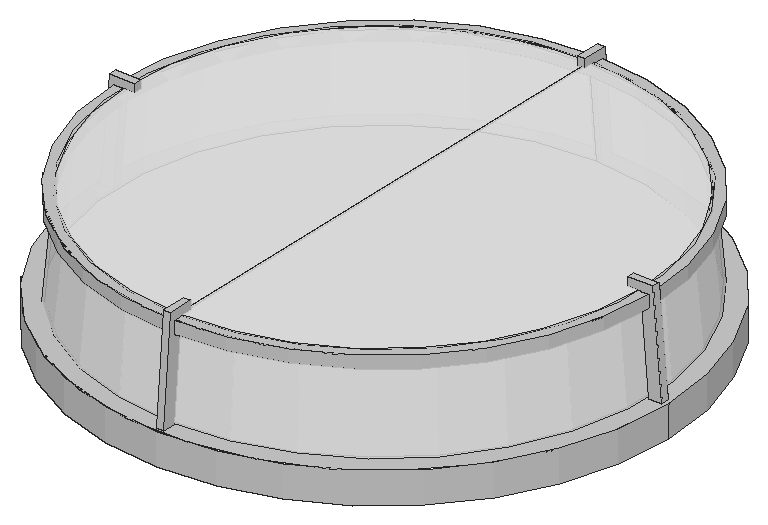
Revit family "2-699-24 IO", category Lighting Fixtures, Revit 2014
Parameters
  Wattage = 12.0505 W
  built-in parameter 1150110 = 1 (stored number, unit not read)
  URL = "www.oxygenlighting.com"
  Type Comments = "Lighitng- Fluoreescent"
  built-in parameter 1114217 = 1 (stored number, unit not read)
  Tilt Angle = -90.00°
  built-in parameter 1150109 = 1 (stored number, unit not read)
  built-in parameter 1150134 = 3
  built-in parameter 1150113 = 1 (stored number, unit not read)
  Product Documentation Link = ""
  Photometric Web File = "2-699-24.IES"
  Model = "2-699-24"
  Metal Finish = Sating Nickel
  Manufacturer = "Oxygen Lighting"
  built-in parameter 1150105 = 134.97 (stored number, unit not read)
  Lumens = 1790 lm
  built-in parameter 1150115 = 1 (stored number, unit not read)
  built-in parameter 1150137 = (empty or 0)
  built-in parameter 1150139 = (empty or 0)
  built-in parameter 1150112 = 1 (stored number, unit not read)
  Lamp Manufacturer = "Sylvania"
  built-in parameter 1150114 = 1 (stored number, unit not read)
  Lamp = "1x22W, 1x40W T5 circline fluorescent"
  Junction Box = "4\" Octagonal"
  Input Voltage = "120"
  Input Power Factor = "0.99"
  Input Power = "52.5"
  Input Current = ""
  built-in parameter 1150132 = 2
  built-in parameter 1150102 = (empty or 0)
  built-in parameter 1150107 = 3200 (stored number, unit not read)
  built-in parameter 1150138 = (empty or 0)
  built-in parameter 1150106 = 1.3497 (stored number, unit not read)
  Emit from Circle Diameter = 2' - 0"
  Emit Shape Visible in Rendering = no
  built-in parameter 1150104 = 13.8 (stored number, unit not read)
  Ballast Manufacturer = "Fulham RHA-UNV-242-C"
  Dimming Lamp Color Temperature Shift = <None>
  Diffuser dia. = 1' - 3.13582"
  Diffuser = Matte White Acrylic
  Description = "17\"dia. ceiling mount"
  Default Elevation = 4' - 0"
  Color Filter = 16777215
  built-in parameter 1114218 = 1 (stored number, unit not read)
  built-in parameter 1150133 = 10 (stored number, unit not read)
  Apparent Load = 52.5 VA
Reference planes (in)
  plane 1 "Light Source Axis (F/B)": y = 0
  plane 2: z = 0
  plane 3 "Light Source Axis (L/R)": x = 0
  plane 4 "Light Source Elevation": z = 2
  plane 5: y = 7.56791
  plane 6: y = -7.56791
Forms (in)
  Revolve 1, solid, material "Sating Nickel" <- "Metal Finish", not visible
    sketch origin (0, 0, 0) x (0, 1, 0) y (0, 0, 1)
      loop
        line (8.375, 0) -> (8.375, 0.97125) -> (7.935, 0.97125) -> (7.65625, 3.07125) -> (7.40625, 3.07125) -> (7.34, 3.07125) -> (7.34, 3.00875) -> (7.6015, 3.00875) -> (7.88025, 0.90875) -> (8.3125, 0.90875) -> (8.3125, 0.0625) -> (0, 0.0625) -> (0, 0) -> (8.375, 0)
      axis (0, 3.07125) -> (0, 0)
    angle from 0 to 360
  Revolve 2, solid, material "Matte White Acrylic" <- "Diffuser", not visible
    sketch origin (0, 0, 0) x (0, 1, 0) y (0, 0, 1)
      loop
        line (0, 4.64125) -> (0, 4.57875)
        arc (0, 4.57875) -> (3.71106, 4.21066) -> (7.2775, 3.12075) r 18.89153
        line (7.2775, 3.12075) -> (7.2775, 2.85644) -> (7.34, 2.85644) -> (7.34, 3.07125) -> (7.39, 3.07125) -> (7.39, 3.14125)
        arc (7.39, 3.14125) -> (3.77035, 4.26247) -> (0, 4.64125) r 18.95403
      axis (0, 4.64125) -> (0, 2.85644)
    angle from 0 to 360
  Extrusion 3, solid, material "Sating Nickel" <- "Metal Finish", not visible
    sketch origin (0, 0, 0) x (1, 0, 0) y (0, 1, 0)
      loop
        circle (0, 0) r 8.3125
    from 0 to 0.09586
  Extrusion 4, solid, material "Sating Nickel" <- "Metal Finish"
    sketch origin (0, 0, 0) x (0, 1, 0) y (0, 0, 1)
      loop
        line (7.25, 3.9375) -> (7.25, 3.6875) -> (7.625, 3.6875) -> (7.87424, 0.9375) -> (8.25078, 0.9375) -> (7.97888, 3.9375) -> (7.25, 3.9375)
    from -0.10937 to 0.10938
  Extrusion 5, solid, material "Sating Nickel" <- "Metal Finish"
    sketch origin (0, 0, 0) x (0, -1, 0) y (0, 0, -1)
      loop
        line (7.25, -3.9375) -> (7.97888, -3.9375) -> (8.25078, -0.9375) -> (7.87424, -0.9375) -> (7.625, -3.6875) -> (7.25, -3.6875) -> (7.25, -3.9375)
    from -0.10937 to 0.10938
  Extrusion 6, solid, material "Sating Nickel" <- "Metal Finish"
    sketch origin (0, 0, 0) x (-1, 0, 0) y (0, 0, 1)
      loop
        line (7.25, 3.9375) -> (7.25, 3.6875) -> (7.625, 3.6875) -> (7.87424, 0.9375) -> (8.25078, 0.9375) -> (7.97888, 3.9375) -> (7.25, 3.9375)
    from -0.10937 to 0.10938
  Extrusion 7, solid, material "Sating Nickel" <- "Metal Finish"
    sketch origin (0, 0, 0) x (1, 0, 0) y (0, 0, -1)
      loop
        line (7.25, -3.9375) -> (7.97888, -3.9375) -> (8.25078, -0.9375) -> (7.87424, -0.9375) -> (7.625, -3.6875) -> (7.25, -3.6875) -> (7.25, -3.9375)
    from -0.10937 to 0.10938
  Extrusion 8, solid, material "Sating Nickel" <- "Metal Finish"
    sketch origin (0, 0, 0) x (1, 0, 0) y (0, 1, 0)
      loop
        circle (0, 0) r 8.375
    from 0 to 0.9375
  Revolve 9, solid, material "Matte White Acrylic" <- "Diffuser"
    sketch origin (0, 0, 0) x (0, 1, 0) y (0, 0, 1)
      loop
        line (7.625, 3.6875) -> (0, 3.6875) -> (0, 3.625) -> (7.56791, 3.625) -> (7.81148, 0.9375) -> (7.87424, 0.9375) -> (7.625, 3.6875)
      axis (0, 3.6875) -> (0, 0.9375)
    angle from 0 to 360
  Extrusion 10, solid, material "Sating Nickel" <- "Metal Finish"
    sketch origin (0, 0, 0) x (1, 0, 0) y (0, 1, 0)
      loop
        circle (0, 0) r 7.87424
      loop
        circle (0, 0) r 7.56791
    from 3.3125 to 3.6875
  Extrusion 11, solid, material "Sating Nickel" <- "Metal Finish", not visible
    sketch origin (0, 0, 0) x (0, 1, 0) y (0, 0, 1)
      loop
        line (7.25, 3.9375) -> (7.25, 3.6875) -> (7.625, 3.6875) -> (7.87424, 0.9375) -> (8.25078, 0.9375) -> (7.97888, 3.9375) -> (7.25, 3.9375)
    from -0.10937 to 0.10938
  Extrusion 12, solid, material "Sating Nickel" <- "Metal Finish", not visible
    sketch origin (0, 0, 0) x (0, -1, 0) y (0, 0, -1)
      loop
        line (7.25, -3.9375) -> (7.97888, -3.9375) -> (8.25078, -0.9375) -> (7.87424, -0.9375) -> (7.625, -3.6875) -> (7.25, -3.6875) -> (7.25, -3.9375)
    from -0.10937 to 0.10938
  Extrusion 13, solid, material "Sating Nickel" <- "Metal Finish", not visible
    sketch origin (0, 0, 0) x (-1, 0, 0) y (0, 0, 1)
      loop
        line (7.25, 3.9375) -> (7.25, 3.6875) -> (7.625, 3.6875) -> (7.87424, 0.9375) -> (8.25078, 0.9375) -> (7.97888, 3.9375) -> (7.25, 3.9375)
    from -0.10937 to 0.10938
  Extrusion 14, solid, material "Sating Nickel" <- "Metal Finish", not visible
    sketch origin (0, 0, 0) x (1, 0, 0) y (0, 0, -1)
      loop
        line (7.25, -3.9375) -> (7.97888, -3.9375) -> (8.25078, -0.9375) -> (7.87424, -0.9375) -> (7.625, -3.6875) -> (7.25, -3.6875) -> (7.25, -3.9375)
    from -0.10937 to 0.10938
  Extrusion 15, solid, material "Sating Nickel" <- "Metal Finish", not visible
    sketch origin (0, 0, 0) x (1, 0, 0) y (0, 1, 0)
      loop
        circle (0, 0) r 8.375
    from 0 to 0.9375
  Revolve 16, solid, material "Matte White Acrylic" <- "Diffuser", not visible
    sketch origin (0, 0, 0) x (0, 1, 0) y (0, 0, 1)
      loop
        line (7.625, 3.6875) -> (0, 3.6875) -> (0, 3.625) -> (7.56791, 3.625) -> (7.81148, 0.9375) -> (7.87424, 0.9375) -> (7.625, 3.6875)
      axis (0, 3.6875) -> (0, 0.9375)
    angle from 0 to 360
  Extrusion 17, solid, material "Sating Nickel" <- "Metal Finish", not visible
    sketch origin (0, 0, 0) x (1, 0, 0) y (0, 1, 0)
      loop
        circle (0, 0) r 7.87424
      loop
        circle (0, 0) r 7.56791
    from 3.3125 to 3.6875
Dimensions and locks (in)
  "Diffuser dia.": plane 5 to plane 6
  aligned and locked: level to plane 2
Automatic sketch dimensions
  Extrusion 4 sketch curve to Extrusion 4 sketch curve = 0' - 0.37654"
  Extrusion 4 sketch curve to Extrusion 4 sketch curve = 0' - 0 1/4"
  Extrusion 5 sketch curve to Extrusion 5 sketch curve = 0' - 0.37654"
  Extrusion 5 sketch curve to Extrusion 5 sketch curve = 0' - 0 1/4"
  Extrusion 6 sketch curve to Extrusion 6 sketch curve = 0' - 0 3/8"
  Extrusion 6 sketch curve to Extrusion 6 sketch curve = 0' - 0.24924"
  Extrusion 6 sketch curve to Extrusion 6 sketch curve = 0' - 0.35388"
  Extrusion 6 sketch curve to Extrusion 6 sketch curve = 0' - 0.37654"
  Extrusion 7 sketch curve to Extrusion 7 sketch curve = 0' - 0 3/8"
  Extrusion 7 sketch curve to Extrusion 7 sketch curve = 0' - 0.24924"
  Extrusion 7 sketch curve to Extrusion 7 sketch curve = 0' - 0.35388"
  Extrusion 7 sketch curve to Extrusion 7 sketch curve = 0' - 0.37654"
  Revolve 9 sketch curve to Revolve 9 sketch curve = 0' - 0.06276"
  Revolve 9 sketch curve to Revolve 9 sketch curve = 0' - 0 1/16"
  Revolve 9 sketch curve to Revolve 9 sketch curve = 7' - 6.03919"
  Extrusion 10 sketch curve to Extrusion 10 sketch curve = 0' - 0"  (x4)
  Extrusion 4 sketch curve to Extrusion 4 sketch curve = 0' - 0 3/8"
  Extrusion 4 sketch curve to Extrusion 4 sketch curve = 0' - 0.24924"
  Extrusion 4 sketch curve to Extrusion 4 sketch curve = 0' - 0.35388"
  Extrusion 4 sketch curve to Extrusion 4 sketch curve = 0' - 2 3/4"
  Extrusion 5 sketch curve to Extrusion 5 sketch curve = 0' - 0 3/8"
  Extrusion 5 sketch curve to Extrusion 5 sketch curve = 0' - 0.24924"
  Extrusion 5 sketch curve to Extrusion 5 sketch curve = 0' - 0.35388"
  Extrusion 5 sketch curve to Extrusion 5 sketch curve = 0' - 2 3/4"
  Extrusion 6 sketch curve to Extrusion 6 sketch curve = 0' - 2 3/4"
  Extrusion 6 sketch curve to Extrusion 6 sketch curve = 0' - 0 1/4"
  Extrusion 7 sketch curve to Extrusion 7 sketch curve = 0' - 0 1/4"
  Extrusion 7 sketch curve to Extrusion 7 sketch curve = 0' - 2 3/4"
  Revolve 9 sketch curve to Revolve 9 sketch curve = 0' - 7.56791"
  Revolve 9 sketch curve to Revolve 9 sketch curve = 0' - 0.05709"
  Revolve 9 sketch curve to Revolve 9 sketch curve = 0' - 0.24358"
  Revolve 9 sketch curve to Revolve 9 sketch curve = 0' - 2 11/16"
  Revolve 9 sketch curve to Revolve 9 sketch curve = 0' - 0"
  Revolve 9 sketch curve to Revolve 9 sketch curve = 2' - 0 15/16"
  Extrusion 11 sketch curve to Extrusion 11 sketch curve = 0' - 0.37654"
  Extrusion 11 sketch curve to Extrusion 11 sketch curve = 0' - 0 1/4"
  Extrusion 12 sketch curve to Extrusion 12 sketch curve = 0' - 0.37654"
  Extrusion 12 sketch curve to Extrusion 12 sketch curve = 0' - 0 1/4"
  Extrusion 13 sketch curve to Extrusion 13 sketch curve = 0' - 0 3/8"
  Extrusion 13 sketch curve to Extrusion 13 sketch curve = 0' - 0.24924"
  Extrusion 13 sketch curve to Extrusion 13 sketch curve = 0' - 0.35388"
  Extrusion 13 sketch curve to Extrusion 13 sketch curve = 0' - 0.37654"
  Extrusion 14 sketch curve to Extrusion 14 sketch curve = 0' - 0 3/8"
  Extrusion 14 sketch curve to Extrusion 14 sketch curve = 0' - 0.24924"
  Extrusion 14 sketch curve to Extrusion 14 sketch curve = 0' - 0.35388"
  Extrusion 14 sketch curve to Extrusion 14 sketch curve = 0' - 0.37654"
  Revolve 16 sketch curve to Revolve 16 sketch curve = 0' - 0.06276"
  Revolve 16 sketch curve to Revolve 16 sketch curve = 0' - 0 1/16"
  Revolve 16 sketch curve to Revolve 16 sketch curve = 7' - 6.03919"
  Extrusion 17 sketch curve to Extrusion 17 sketch curve = 0' - 0"  (x4)
  Extrusion 11 sketch curve to Extrusion 11 sketch curve = 0' - 0 3/8"
  Extrusion 11 sketch curve to Extrusion 11 sketch curve = 0' - 0.24924"
  Extrusion 11 sketch curve to Extrusion 11 sketch curve = 0' - 0.35388"
  Extrusion 11 sketch curve to Extrusion 11 sketch curve = 0' - 2 3/4"
  Extrusion 12 sketch curve to Extrusion 12 sketch curve = 0' - 0 3/8"
  Extrusion 12 sketch curve to Extrusion 12 sketch curve = 0' - 0.24924"
  Extrusion 12 sketch curve to Extrusion 12 sketch curve = 0' - 0.35388"
  Extrusion 12 sketch curve to Extrusion 12 sketch curve = 0' - 2 3/4"
  Extrusion 13 sketch curve to Extrusion 13 sketch curve = 0' - 2 3/4"
  Extrusion 13 sketch curve to Extrusion 13 sketch curve = 0' - 0 1/4"
  Extrusion 14 sketch curve to Extrusion 14 sketch curve = 0' - 0 1/4"
  Extrusion 14 sketch curve to Extrusion 14 sketch curve = 0' - 2 3/4"
  Revolve 16 sketch curve to Revolve 16 sketch curve = 0' - 7.56791"
  Revolve 16 sketch curve to Revolve 16 sketch curve = 0' - 0.05709"
  Revolve 16 sketch curve to Revolve 16 sketch curve = 0' - 0.24358"
  Revolve 16 sketch curve to Revolve 16 sketch curve = 0' - 2 11/16"
  Revolve 16 sketch curve to Revolve 16 sketch curve = 0' - 0"
  Revolve 16 sketch curve to Revolve 16 sketch curve = 2' - 0 15/16"
  radius of Extrusion 8 sketch curve = 0' - 8 3/8"
  radius of Extrusion 10 sketch curve = 0' - 7.87424"
  radius of Extrusion 10 sketch curve = 0' - 7.56791"
  radius of Extrusion 15 sketch curve = 0' - 8 3/8"
  radius of Extrusion 17 sketch curve = 0' - 7.87424"
  radius of Extrusion 17 sketch curve = 0' - 7.56791"
